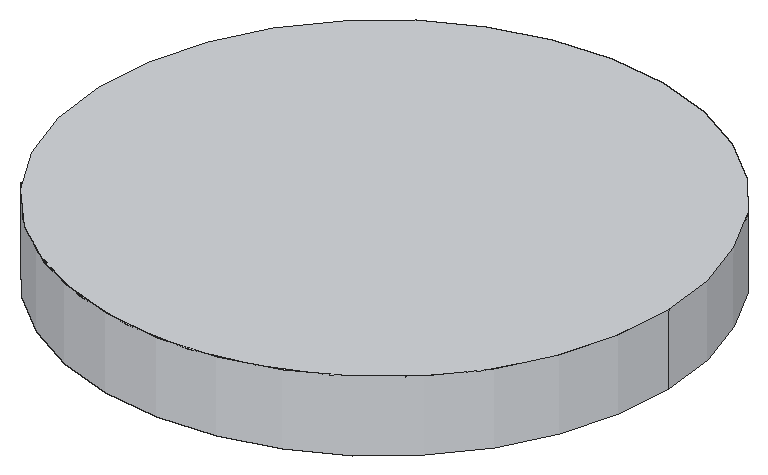
Revit family "db9a16c483c94c7690742759e806af08", category Lighting Fixtures, host Face, Revit 2021
Family settings
  Host = Face
  Round Connector Dimension = Use Diameter
  Part Type = Normal
  OmniClass Number = 23.80.70.00
  OmniClass Title = Lighting
  Seek Item ID = Lighting Fixtures - Balanced Power Connector-0000-USA-ENU
  Cut with Voids When Loaded = No
  Light Source = Yes
  Shared = No
  Room Calculation Point = No
Parameters (values of type "277 V")
  Wattage = 9.2903 W
  built-in parameter 1150110 = 1 (stored number, unit not read)
  built-in parameter 1114217 = 1 (stored number, unit not read)
  Thickness = 0' - 0 1/8"
  built-in parameter 1150109 = 1 (stored number, unit not read)
  built-in parameter 1150134 = (empty or 0)
  built-in parameter 1150113 = 1 (stored number, unit not read)
  Radius = Diameter / 2  # 0' - 0 1/2"
  Lumens = 1380 lm
  built-in parameter 1150115 = 1 (stored number, unit not read)
  built-in parameter 1150105 = 109.82 (stored number, unit not read)
  Load Classification = Lighting
  Light Source Symbol Size = 2' - 0"
  built-in parameter 1150137 = (empty or 0)
  built-in parameter 1150139 = (empty or 0)
  built-in parameter 1150112 = 1 (stored number, unit not read)
  built-in parameter 1150114 = 1 (stored number, unit not read)
  built-in parameter 1150132 = 2
  built-in parameter 1150102 = (empty or 0)
  built-in parameter 1150138 = (empty or 0)
  built-in parameter 1150107 = 3000 (stored number, unit not read)
  built-in parameter 1150106 = 1.0982 (stored number, unit not read)
  built-in parameter 1150104 = 13.8 (stored number, unit not read)
  Dimming Lamp Color Temperature Shift = <None>
  Diameter = 0' - 1"
  Default Elevation = 4' - 0"
  Connector Voltage = 277 V
  Connector Number of Poles = 1
  Color Filter = 16777215
  built-in parameter 1114218 = 1 (stored number, unit not read)
  built-in parameter 1150133 = 10 (stored number, unit not read)
  Assembly Code = ""
Types (5): name | Connector Voltage | Connector Number of Poles
  120 V | 120 V | 1
  277 V | 277 V | 1
  240 V | 240 V | 2
  208 V | 208 V | 3
  480 V | 480 V | 3
Reference planes (in)
  plane 1 "Center (Front/Back)": y = 0
  plane 2: z = 0
  plane 3 "Center (Left/Right)": x = 0
  plane 4: z = 0.125
Forms (in)
  Extrusion 1, solid
    sketch origin (0, 0, 0) x (1, 0, 0) y (0, 1, 0)
      loop
        circle (0, 0) r 0.5
    from 0.125 to 0
Dimensions and locks (in)
  "Thickness": plane 4 to plane 2
  "Radius": radius of Extrusion 1 sketch curve
  aligned and locked: plane 2 to host face
  aligned and locked: level to host face
  aligned and locked: plane 1 "Center (Front/Back)" to Extrusion 1 sketch curve
  aligned and locked: plane 3 "Center (Left/Right)" to Extrusion 1 sketch curve
  aligned and locked: Extrusion 1 to plane 2
  aligned and locked: plane 4 to Extrusion 1
  aligned and locked: plane 3 "Center (Left/Right)" to imposter light
  aligned and locked: plane 1 "Center (Front/Back)" to imposter light
  aligned and locked: plane 2 to imposter light
Automatic sketch dimensions
  host sketch curve to host sketch curve = 8' - 0"  (x2)
Connectors (in)
  electrical at (0, 0, 0.125), driven by "Connector Voltage", driven by "Connector Number of Poles", driven by "Load Classification"
    settings: on Extrusion 1, index 1, voltage 277 V, apparent load 0 VA, apparent load phase1 0 VA, apparent load phase2 0 VA, apparent load phase3 0 VA, power factor 1, load classification "Lighting", number of poles 1, system type 30, power factor state 1, is connector primary yes, connector utility no, sub classification motor no, connector description ""
